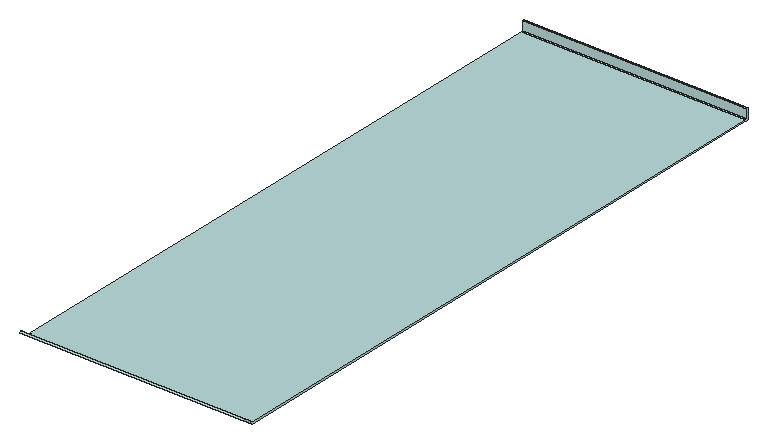
Revit family "Haworth_BeHold_Accessory_PedestalShelf", category Furniture Systems, Revit 2018
Family settings
  Round Connector Dimension = Use Diameter
  Part Type = Normal
  OmniClass Number = 23.40.70.14.64.21
  OmniClass Title = Systems Furniture
  Work Plane-Based = No
  Always vertical = Yes
  Cut with Voids When Loaded = No
  Shared = No
  Room Calculation Point = No
Parameters (values of type "30d")
  Warranty = "http://www.haworth.com/resources/product-info/warranties"
  URL - Product = "http://www.haworth.com/na/en/products/active-storage/be-hold.html"
  URL = "http://www.haworth.com"
  Trim Finish = Haworth _ Paint _ Sky Blue
  Sustainability Info = "https://www.haworth.com/company-info/sustainability"
  Size = "Verify Final Dim. w/ Haworth"  # constant formula
  Revision Number = "1"  # constant formula
  Model = "Haworth Be_Hold"  # constant formula
  Min. Width = 12"  # constant formula
  Min. Depth = 18"  # constant formula
  Max. Width = 12"  # constant formula
  Max. Depth = 30"  # constant formula
  Manufacturer = "Haworth"  # constant formula
  Description = "Haworth - Be_Hold - Accessory - Pedestal Shelf"  # constant formula
  Depth = 30"
  Custom Size = not(or(Depth = 18", Depth = 24", Depth = 30"))  # no
  Author = "Haworth (Alias)"  # constant formula
  Assembly Code = "E2020200"
  Actual Width = 12"  # constant formula
  Actual Height = 1/2"  # constant formula
  Actual Depth = if(Depth < Min. Depth, Min. Depth, if(Depth > Max. Depth, Max. Depth, Depth))  # 30"
  Standard Depths = "18, 24, 30 in."  # constant formula
Types (3): name | URL - Product | URL | Depth | Actual Depth
  30d | "http://www.haworth.com/na/en/products/active-storage/be-hold.html" | "http://www.haworth.com" | 30" | 30"
  24d | "" | "www.haworth.com" | 24" | 24"
  18d | "" | "www.haworth.com" | 18" | 18"
Reference planes (in)
  plane 1: z = 0
  plane 2 "Center L/R": x = -6.17556
  plane 3 "Center F/B": y = -11.5
  plane 4 "Back": y = 3.5
  plane 5 "Front": y = -26.5
  plane 6 "Right": x = -0.17556
  plane 7 "Left": x = -12.17556
  plane 8 "Top": z = 0.5
Forms (in)
  Sweep 1, solid, material "Haworth _ Paint _ Sky Blue" <- "Trim Finish"
    path origin (0, 0, 0) x (1, 0, 0) y (0, 1, 0)
      loop
        line (-0.98415, -11.5) -> (-11.36696, -11.5)
    profile origin (-6.17556, -11.5, 0) x (0, -1, 0) y (0, 0, 1)
      loop
        arc (-14.90186, 0.06) -> (-14.92885, 0.07118) -> (-14.94003, 0.09817) r 0.03817
        line (-14.94003, 0.09817) -> (-14.94003, 0.5) -> (-15, 0.5) -> (-15, 0.09867)
        arc (-15, 0.09867) -> (-14.9711, 0.0289) -> (-14.90133, 0) r 0.09867
        line (-14.90133, 0) -> (13.66303, 0)
        arc (13.66303, 0) -> (13.68651, 0.00361) -> (13.70781, 0.01411) r 0.07809
        line (13.70781, 0.01411) -> (14.17407, 0.34046) -> (14.13964, 0.38961) -> (13.68204, 0.06932)
        arc (13.68204, 0.06932) -> (13.66797, 0.06239) -> (13.65247, 0.06) r 0.05157
        line (13.65247, 0.06) -> (-14.90186, 0.06)
Lines and regions (in)
  Masking region 1
    outline origin (0, 0, 0) x (1, 0, 0) y (0, 1, 0)
      loop
        line (-11.36696, 3.5) -> (-11.36696, -25.67407) -> (-0.98415, -25.67407) -> (-0.98415, 3.5) -> (-11.36696, 3.5)
Dimensions and locks (in)
  equal spacing: plane 7 "Left", plane 2 "Center L/R", plane 6 "Right"
  "Actual Width": plane 7 "Left" to plane 6 "Right"
  equal spacing: plane 4 "Back", plane 3 "Center F/B", plane 5 "Front"
  "Actual Depth": plane 4 "Back" to plane 5 "Front"
  locked: plane 7 "Left" to Sweep 1 sketch curve at 0.80859
  locked: Sweep 1 sketch curve to plane 6 "Right" at 0.80859
  locked: Sweep 1 sketch curve to plane 1 at 0.06
  locked: Sweep 1 sketch curve to plane 4 "Back" at 0.05997
  locked: plane 5 "Front" to Sweep 1 sketch curve at 0.82593
  locked: plane 5 "Front" to Sweep 1 sketch curve at 0.86036
  locked: Sweep 1 sketch curve to plane 1 at 0.34046
  locked: Sweep 1 sketch curve to plane 1 at 0.38961
  locked: Masking region 1 sketch curve to plane 6 "Right" at 0.80859
  locked: plane 7 "Left" to Masking region 1 sketch curve at 0.80859
  locked: Masking region 1 sketch curve to plane 5 "Front" at 0.82593
  "Actual Height": plane 8 "Top" to plane 1
  aligned and locked: Sweep 1 sketch curve to plane 3 "Center F/B"
  aligned and locked: Sweep 1 sketch curve to plane 1
  aligned and locked: plane 4 "Back" to Sweep 1 sketch curve
  aligned and locked: Masking region 1 sketch curve to plane 4 "Back"
Automatic sketch dimensions
  Sweep 1 sketch curve to Sweep 1 sketch curve = 0.0387"
  Sweep 1 sketch curve to Sweep 1 sketch curve = 0.00053"
  Sweep 1 sketch curve to Sweep 1 sketch curve = 0.01056"
  level to Sweep 1 sketch curve = 0.06932"
  Sweep 1 sketch curve to Sweep 1 sketch curve = 0.01901"
  level to Sweep 1 sketch curve = 0.01411"
  Sweep 1 sketch curve to Sweep 1 sketch curve = 0.04478"
  Sweep 1 sketch curve to Sweep 1 sketch curve = 0.4576"
  Sweep 1 sketch curve to Sweep 1 sketch curve = 0.40183"
